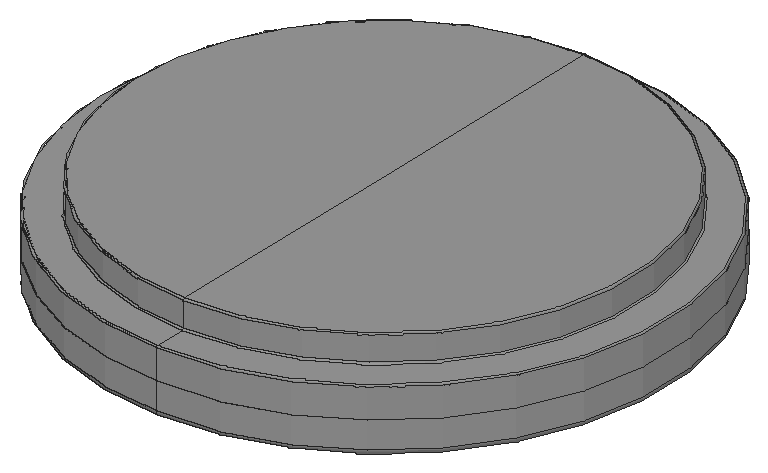
Revit family "FMS1_63_UN_Surface-mounted_ETK", category Lighting Fixtures, Revit 2019 (continued)
Definition of nested family "FMS.1 - Lightsource"
  Parameters (values of type "FMS.1110.10 - Ø270 / 18W / 1120lm / 4000K")
      99.0916\r\n186.1571\t173.2273\t160.3064\t147.3979\t134.5054\t133.8004\t26.4433\t0\t0\t0\r\n0\t0\t0\t0\t0\t0\r\n405.3384\t404.7985\t404.2731\t402.9746\t400.9294\t398.9778\t395.1912\t391.2006\t387.1764\t383.1518\r\n379.3503\t373.2478\t366.6736\t360.0872\t353.4808\t347.1016\t338.8269\t329.9717\t321.1259\t312.2733\r\n303.6511\t293.3438\t282.42\t271.4857\t260.561\t249.8768\t237.5346\t224.5982\t211.6601\t198.736\r\n185.8092\t172.8976\t159.9952\t147.0924\t134.208\t131.9549\t19.0178\t0\t0\t0\r\n0\t0\t0\t0\t0\t0\r\n405.3384\t404.775\t404.2417\t402.941\t400.8877\t398.9141\t395.0686\t391.0953\t387.0939\t383.0703\r\n379.2465\t373.03\t366.4888\t359.9216\t353.3431\t346.971\t338.5451\t329.7328\t320.92\t312.0934\r\n303.4848\t293.0109\t282.1221\t271.2145\t260.3152\t249.6258\t237.1217\t224.202\t211.2903\t198.3835\r\n185.4706\t172.5647\t159.66\t146.7717\t133.8799\t129.6163\t13.1927\t0\t0\t0\r\n0\t0\t0\t0\t0\t0\r\n405.3384\t404.7527\t404.2068\t402.9019\t400.8767\t398.8558\t394.9637\t390.9782\t387.0011\t382.9988\r\n379.1382\t372.8305\t366.3205\t359.7944\t353.2392\t346.8416\t338.2971\t329.4929\t320.6819\t311.8859\r\n303.2565\t292.6827\t281.8284\t270.9715\t260.0963\t249.3876\t236.7404\t223.8309\t210.924\t198.0301\r\n185.1227\t172.2345\t159.3412\t146.4511\t133.5636\t127.1408\t8.7076\t0\t0\t0\r\n0\t0\t0\t0\t0\t0\r\n405.3384\t404.7317\t404.1685\t402.8573\t400.8341\t398.8203\t394.8729\t390.882\t386.8997\t382.9031\r\n379.0139\t372.6472\t366.1376\t359.6334\t353.1356\t346.7285\t338.0975\t329.2976\t320.4978\t311.7082\r\n303.0442\t292.3608\t281.5086\t270.6653\t259.8241\t249.1051\t236.3739\t223.483\t210.5936\t197.696\r\n184.8022\t171.9214\t159.0318\t146.1423\t133.2543\t124.7431\t5.3342\t0\t0\t0\r\n0\t0\t0\t0\t0\t0\r\n405.3384\t404.7118\t404.0854\t402.8071\t400.7827\t398.7607\t394.8082\t390.8197\t386.8117\t382.8145\r\n378.8745\t372.4566\t365.9558\t359.4647\t352.9636\t346.5217\t337.8337\t329.0692\t320.2987\t311.5096\r\n302.8013\t292.0593\t281.2296\t270.4093\t259.5758\t248.8064\t236.0021\t223.1017\t210.2133\t197.3263\r\n184.4407\t171.5452\t158.6583\t145.7732\t132.8917\t122.5723\t2.8944\t0\t0\t0\r\n0\t0\t0\t0\t0\t0\r\n405.3384\t404.6932\t404.0473\t402.7226\t400.7224\t398.6915\t394.7212\t390.7363\t386.7361\t382.7442\r\n378.7775\t372.3101\t365.7992\t359.3066\t352.8016\t346.3302\t337.6023\t328.8394\t320.0728\t311.2958\r\n302.561\t291.776\t280.951\t270.126\t259.3004\t248.5209\t235.6594\t222.7723\t209.8851\t196.9978\r\n184.1099\t171.2248\t158.3346\t145.4546\t132.5648\t120.8445\t1.2522\t0\t0\t0\r\n0\t0\t0\t0\t0\t0\r\n405.3384\t404.6757\t404.0125\t402.6704\t400.6365\t398.604\t394.6163\t390.6263\t386.6347\t382.642\r\n378.653\t372.1631\t365.664\t359.1642\t352.6514\t346.1579\t337.4057\t328.6338\t319.8737\t311.0997\r\n302.337\t291.5239\t280.7001\t269.8776\t259.0436\t248.2362\t235.3595\t222.4683\t209.58\t196.6886\r\n183.7994\t170.9097\t158.0181\t145.1276\t132.2357\t119.6415\t0.3076\t0\t0\t0\r\n0\t0\t0\t0\t0\t0\r\n405.3384\t404.6596\t403.9806\t402.6229\t400.5746\t398.5262\t394.5231\t390.5201\t386.5171\t382.514\r\n378.4993\t372.003\t365.4952\t358.999\t352.4911\t345.9949\t337.2046\t328.4142\t319.6239\t310.8453\r\n302.055\t291.2397\t280.4128\t269.5975\t258.7705\t247.9552\t235.0564\t222.1578\t209.2708\t196.372\r\n183.485\t170.5863\t157.6875\t144.8005\t131.9018\t119.0148\t0\t0\t0\t0\r\n0\t0\t0\t0\t0\t0\r\n405.3384\t404.6446\t403.952\t402.5799\t400.516\t398.4496\t394.4362\t390.4167\t386.393\t382.3765\r\n378.3639\t371.8594\t365.3463\t358.8345\t352.3221\t345.8186\t337.0218\t328.2282\t319.4233\t310.6293\r\n301.8361\t291.0019\t280.1697\t269.3256\t258.4827\t247.6533\t234.7581\t221.854\t208.9473\t196.0427\r\n183.1396\t170.2368\t157.3331\t144.4306\t131.5295\t118.923\t0.3058\t0\t0\t0\r\n0\t0\t0\t0\t0\t0\r\n405.3384\t404.6311\t403.9266\t402.5417\t400.4513\t398.3517\t394.3448\t390.3139\t386.2918\t382.2534\r\n378.238\t371.7358\t365.2058\t358.6709\t352.1332\t345.6284\t336.8455\t328.0252\t319.2071\t310.3886\r\n301.6022\t290.7741\t279.9105\t269.0599\t258.1993\t247.3735\t234.4901\t221.5727\t208.655\t195.7516\r\n182.8364\t169.9224\t157.0186\t144.1096\t131.2095\t119.4546\t1.2376\t0\t0\t0\r\n0\t0\t0\t0\t0\t0\r\n405.3384\t404.6189\t403.9044\t402.5099\t400.4048\t398.3042\t394.3046\t390.2607\t386.2346\t382.1535\r\n378.1197\t371.6271\t365.0667\t358.4953\t351.9348\t345.4342\t336.6778\t327.8251\t318.988\t310.1383\r\n301.3588\t290.557\t279.6705\t268.7827\t257.8964\t247.0828\t234.2295\t221.3067\t208.3745\t195.4454\r\n182.519\t169.6057\t156.6841\t143.7663\t130.8565\t120.461\t2.8438\t0\t0\t0\r\n0\t0\t0\t0\t0\t0\r\n405.3384\t404.608\t403.906\t402.4809\t400.3686\t398.2825\t394.3364\t390.2509\t386.1403\t382.0139\r\n377.9719\t371.5145\t364.9316\t358.3331\t351.741\t345.2569\t336.5322\t327.65\t318.7717\t309.893\r\n301.122\t290.3538\t279.4296\t268.5063\t257.6005\t246.812\t234.0133\t221.0577\t208.1226\t195.1708\r\n182.233\t169.2892\t156.3621\t143.428\t130.5101\t121.8491\t5.2081\t0\t0\t0\r\n0\t0\t0\t0\t0\t0\r\n405.3384\t404.5983\t403.8876\t402.4562\t400.3424\t398.3285\t394.312\t390.1748\t386.0001\t381.8499\r\n377.8465\t371.4423\t364.8155\t358.179\t351.5314\t345.0554\t336.4015\t327.4708\t318.5324\t309.5879\r\n300.8096\t290.1067\t279.1611\t268.2305\t257.289\t246.5037\t233.7899\t220.8066\t207.8411\t194.873\r\n181.9286\t168.9735\t156.0235\t143.0925\t130.1555\t123.4873\t8.4517\t0\t0\t0\r\n0\t0\t0\t0\t0\t0\r\n405.3384\t404.5901\t403.8694\t402.4354\t400.3632\t398.2964\t394.2634\t390.0534\t385.8948\t381.7277\r\n377.7335\t371.3662\t364.6894\t358.0074\t351.3178\t344.8397\t336.2562\t327.2573\t318.2671\t309.292\r\n300.5434\t289.9663\t278.9733\t267.9846\t257.0011\t246.2424\t233.6423\t220.6376\t207.6416\t194.6527\r\n181.66\t168.6794\t155.7053\t142.752\t129.7991\t125.1546\t12.7273\t0\t0\t0\r\n0\t0\t0\t0\t0\t0\r\n405.3384\t404.5832\t403.8511\t402.4184\t400.3294\t398.2373\t394.1753\t389.9932\t385.8207\t381.5858\r\n377.5585\t371.29\t364.5766\t357.8427\t351.0774\t344.5671\t336.1252\t327.126\t318.0989\t309.0717\r\n300.2725\t289.8361\t278.7856\t267.7468\t256.7121\t245.9428\t233.5014\t220.4496\t207.42\t194.3931\r\n181.3835\t168.3751\t155.3885\t142.4223\t129.4696\t126.6674\t18.2327\t0\t0\t0\r\n0\t0\t0\t0\t0\t0\r\n405.3384\t404.6161\t403.833\t402.4338\t400.2812\t398.117\t394.1504\t389.9734\t385.7276\t381.4258\r\n377.3816\t371.2392\t364.4718\t357.6674\t350.8628\t344.3271\t336.3727\t327.0146\t317.9224\t308.8102\r\n299.6801\t289.9237\t278.5829\t267.4993\t256.4203\t245.3261\t233.5789\t220.2411\t207.1712\t194.1138\r\n181.0807\t168.0584\t155.0612\t142.0858\t129.1328\t127.7426\t25.2025\t0\t0\t0\r\n0\t0\t0\t0\t0\t0\r\n405.3384\t404.6105\t403.8147\t402.4101\t400.2194\t398.0503\t394.1642\t389.934\t385.6217\t381.2896\r\n377.1953\t371.2003\t364.3795\t357.5497\t350.6777\t343.7901\t336.3331\t326.9098\t317.7336\t308.5378\r\n299.3341\t289.7717\t278.414\t267.2406\t256.0784\t244.9306\t233.4048\t220.0844\t206.987\t193.9063\r\n180.8452\t167.8011\t154.7799\t141.7801\t128.7982\t128.0121\t33.8934\t0\t0\t0\r\n0\t0\t0\t0\t0\t0\r\n405.3384\t404.605\t403.7961\t402.3797\t400.115\t397.9929\t394.1749\t389.882\t385.5568\t381.1715\r\n376.6631\t371.4951\t364.3355\t357.4079\t350.4678\t343.5064\t336.2424\t326.8117\t317.5627\t308.2892\r\n298.9902\t289.5725\t278.2428\t267.0234\t255.8103\t244.5868\t233.2271\t219.9634\t206.8227\t193.6957\r\n180.6021\t167.5443\t154.4957\t141.4702\t128.4705\t115.505\t70.026\t0\t0\t0\r\n0\t0\t0\t0\t0\t0\r\n405.3384\t404.5994\t403.7772\t402.343\t400.0582\t397.9547\t394.1952\t389.8748\t385.5291\t380.979\r\n376.4372\t371.47\t364.2569\t357.2705\t350.2636\t343.2284\t336.1012\t326.741\t317.3967\t308.0368\r\n298.6712\t289.3725\t278.1474\t266.8135\t255.5191\t244.2436\t233.0342\t219.8906\t206.6977\t193.5207\r\n180.3828\t167.2783\t154.2217\t141.1824\t128.1722\t115.1956\t80.4414\t0\t0\t0\r\n0\t0\t0\t0\t0\t0\r\n405.3384\t404.594\t403.7665\t402.3007\t400.0104\t397.8946\t394.467\t389.9452\t385.4255\t380.805\r\n376.2179\t371.3573\t364.2027\t357.1507\t350.0679\t342.9438\t335.905\t326.68\t317.25\t307.8176\r\n298.3724\t289.0673\t278.0222\t266.6515\t255.3003\t243.9401\t232.7582\t219.8133\t206.5867\t193.3789\r\n180.2056\t167.0687\t153.966\t140.8994\t127.8726\t114.8827\t90.1164\t0\t0\t0\r\n0\t0\t0\t0\t0\t0\r\n405.3384\t404.5889\t403.7442\t402.2253\t399.9717\t397.8259\t394.5256\t389.9394\t385.2649\t380.6538\r\n375.9641\t371.2248\t364.1789\t357.067\t349.8977\t342.6677\t335.6288\t326.6532\t317.1531\t307.6244\r\n298.0542\t288.478\t278.2469\t266.5399\t255.0597\t243.6182\t232.4332\t219.7955\t206.4902\t193.2133\r\n180.0012\t166.821\t153.6857\t140.5957\t127.5588\t114.5661\t98.6146\t0\t0\t0\r\n0\t0\t0\t0\t0\t0\r\n405.3384\t404.5838\t403.7204\t402.1836\t399.9493\t397.495\t394.6576\t389.8387\t385.1686\t380.5014\r\n375.729\t371.0605\t364.1878\t357.0066\t349.7365\t342.3831\t334.9798\t326.9611\t317.1042\t307.4527\r\n297.7974\t288.1146\t278.1369\t266.4125\t254.8729\t243.3316\t231.7822\t219.9393\t206.403\t193.0914\r\n179.8299\t166.6203\t153.466\t140.3518\t127.2713\t114.2585\t105.3682\t0\t0\t0\r\n0\t0\t0\t0\t0\t0\r\n405.3384\t404.579\t403.6953\t402.1453\t400.0044\t397.4328\t394.6846\t389.7831\t385.1052\t380.3588\r\n375.5172\t370.8454\t364.2472\t356.9647\t349.5864\t342.1389\t334.6459\t326.9338\t317.0698\t307.3364\r\n297.5463\t287.7394\t277.9639\t266.3589\t254.7041\t243.037\t231.404\t219.803\t206.3799\t193.0247\r\n179.6747\t166.415\t153.2216\t140.0873\t127.0126\t113.9921\t109.8199\t9.0426\t0\t0\r\n0\t0\t0\t0\t0\t0\r\n405.3384\t404.5744\t403.6691\t402.1103\t399.9781\t397.3776\t394.6495\t389.7577\t385.0555\t380.2439\r\n375.3168\t370.2787\t364.5973\t356.9471\t349.4699\t341.9308\t334.3338\t326.7694\t317.1018\t307.2337\r\n297.342\t287.4211\t277.6928\t266.3301\t254.5511\t242.8085\t231.0731\t219.5536\t206.3499\t192.9347\r\n179.5687\t166.2649\t153.016\t139.8234\t126.726\t113.6905\t111.2803\t21.7073\t0\t0\r\n0\t0\t0\t0\t0\t0\r\n405.3384\t404.57\t403.6421\t402.0785\t399.9533\t397.3665\t394.4977\t389.7642\t385.0355\t380.1533\r\n375.1312\t370.0104\t364.5699\t356.9602\t349.3932\t341.7532\t334.0283\t326.4707\t317.1654\t307.1994\r\n297.1718\t287.133\t277.0299\t266.5617\t254.4718\t242.5962\t230.7316\t218.9364\t206.6337\t192.9105\r\n179.4434\t166.087\t152.7988\t139.6068\t126.4833\t113.4569\t100.4945\t60.079\t0\t0\r\n0\t0\t0\t0\t0\t0\r\n405.3384\t404.5661\t403.6144\t402.0512\t399.9354\t397.2997\t394.4018\t389.8025\t385.0322\t380.0745\r\n374.9814\t369.7443\t364.4545\t357.0142\t349.3678\t341.6146\t333.7412\t325.8005\t317.4989\t307.1996\r\n297.0754\t286.8649\t276.6591\t266.3928\t254.4188\t242.4545\t230.4861\t218.5355\t206.5242\t192.8964\r\n179.3794\t165.9637\t152.639\t139.4008\t126.2545\t113.2052\t100.2394\t75.4175\t0\t0\r\n0\t0\t0\t0\t0\t0\r\n405.3384\t404.5625\t403.5863\t402.0218\t399.9104\t397.2171\t394.3045\t389.8927\t385.0511\t380.0149\r\n374.8455\t369.4904\t364.2419\t357.1219\t349.384\t341.4901\t333.5186\t325.4314\t317.3612\t307.2899\r\n297.0022\t286.6805\t276.276\t266.1102\t254.4772\t242.3425\t230.2194\t218.174\t206.3008\t192.9174\r\n179.3579\t165.8762\t152.4972\t139.2127\t126.0328\t112.9621\t100.0093\t87.0551\t0\t0\r\n0\t0\t0\t0\t0\t0\r\n405.3384\t404.5593\t403.5488\t401.9935\t399.8835\t397.1246\t394.2037\t390.2303\t385.0913\t379.9896\r\n374.7291\t369.2488\t363.6276\t357.5035\t349.4258\t341.4412\t333.3238\t325.0865\t317.0691\t307.6993\r\n297.0161\t286.5013\t276.02\t265.4718\t254.6844\t242.2835\t230.06\t217.8462\t205.7159\t193.2069\r\n179.3627\t165.7938\t152.3453\t139.0419\t125.8422\t112.7623\t99.7796\t94.113\t0.6105\t0\r\n0\t0\t0\t0\t0\t0\r\n405.3384\t404.5567\t403.4347\t401.9663\t399.8542\t396.9916\t393.8623\t390.3025\t385.1493\t379.9968\r\n374.6293\t369.0482\t363.3058\t357.4798\t349.5307\t341.4245\t333.1708\t324.8183\t316.3472\t307.7332\r\n297.0531\t286.4824\t275.7917\t265.0603\t254.4821\t242.3206\t229.9441\t217.6132\t205.3254\t193.1091\r\n179.3748\t165.764\t152.2793\t138.8941\t125.6464\t112.5384\t99.5694\t86.7243\t14.0692\t0\r\n0\t0\t0\t0\t0\t0\r\n405.3384\t404.5544\t403.4109\t401.9397\t399.8279\t396.9235\t393.766\t390.3402\t385.2395\t380.0227\r\n374.5426\t368.8806\t363.0291\t357.2464\t350.0081\t341.4712\t333.0914\t324.5758\t315.9704\t307.4474\r\n297.2703\t286.4865\t275.6403\t264.756\t253.843\t242.607\t229.9008\t217.4057\t204.9789\t192.7969\r\n179.4987\t165.7588\t152.175\t138.7541\t125.4881\t112.3504\t99.3709\t86.5437\t51.9517\t0\r\n0\t0\t0\t0\t0\t0\r\n405.3384\t404.5528\t403.3896\t401.9136\t399.7913\t396.957\t393.6984\t390.3419\t385.3606\t380.0818\r\n374.5\t368.7496\t362.7919\t356.6028\t350.0626\t341.5854\t333.0658\t324.4216\t315.6059\t306.7421\r\n297.6344\t286.5955\t275.5812\t264.5172\t253.4454\t242.4387\t229.9497\t217.306\t204.7451\t192.2166\r\n179.6744\t165.7968\t152.1564\t138.646\t125.329\t112.1759\t99.1985\t86.3772\t68.9502\t0\r\n0\t0\t0\t0\t0\t0\r\n405.3384\t404.5516\t403.3711\t401.8875\t399.7527\t396.9277\t393.6298\t390.2999\t385.7547\t380.1611\r\n374.5012\t368.6583\t362.5687\t356.2748\t349.9304\t341.7568\t333.1054\t324.2991\t315.3601\t306.3451\r\n297.4021\t286.7961\t275.6181\t264.4085\t253.1166\t241.8373\t230.2463\t217.3133\t204.529\t191.8469\r\n179.4606\t165.8616\t152.1382\t138.5889\t125.1903\t112.0098\t99.0178\t86.2149\t79.0059\t0\r\n0\t0\t0\t0\t0\t0\r\n405.3384\t404.5303\t403.3553\t401.8645\t399.7131\t396.9209\t393.5723\t390.1989\t385.8711\t380.2535\r\n374.5458\t368.6079\t362.4015\t355.9658\t349.3036\t342.1689\t333.2403\t324.278\t315.2144\t305.9895\r\n296.6392\t287.1356\t275.8011\t264.3885\t252.9357\t241.4441\t230.1178\t217.3521\t204.4354\t191.5936\r\n178.8542\t166.1287\t152.1585\t138.5008\t125.0791\t111.8622\t98.8722\t86.0895\t73.5113\t5.8064\r\n0\t0\t0\t0\t0\t0\r\n405.3384\t404.5303\t403.3424\t401.8359\t399.6738\t396.904\t393.5271\t389.8272\t385.9412\t380.4009\r\n374.6452\t368.602\t362.2897\t355.7113\t348.9026\t342.0438\t333.4533\t324.356\t315.1404\t305.736\r\n296.21\t286.8176\t276.3248\t264.5084\t252.8679\t241.1993\t229.4494\t217.6364\t204.4484\t191.4377\r\n178.5308\t165.8585\t152.2347\t138.4866\t125.0067\t111.7492\t98.7341\t85.9681\t73.4427\t41.0177\r\n0\t0\t0\t0\t0\t0\r\n405.3384\t404.5314\t403.3323\t401.8066\t399.6355\t396.8882\t393.4998\t389.7256\t385.9264\t380.8323\r\n374.7825\t368.6476\t362.2247\t355.5179\t348.5777\t341.3716\t333.8428\t324.5619\t315.1649\t305.6139\r\n295.8944\t286.068\t276.276\t264.795\t252.9611\t241.028\t229.1012\t217.1796\t204.5856\t191.3702\r\n178.2755\t165.3108\t152.4401\t138.5329\t124.9629\t111.6537\t98.6364\t85.8681\t73.3923\t59.4422\r\n0\t0\t0\t0\t0\t0\r\n405.3384\t404.5334\t403.3254\t401.7768\t399.5834\t396.8724\t393.5563\t389.6813\t385.8296\t380.9686\r\n374.9634\t368.7467\t362.223\t355.3988\t348.3247\t340.9663\t333.6105\t325.0909\t315.3013\t305.5958\r\n295.7167\t285.6879\t275.5196\t265.2641\t253.1643\t241.0284\t228.9013\t216.7619\t204.7197\t191.4431\r\n178.1426\t165.025\t152.054\t138.6238\t124.949\t111.5808\t98.5317\t85.7999\t73.3521\t67.4468\r\n0\t0\t0\t0\t0\t0\r\n405.3384\t404.5367\t403.3213\t401.747\t399.553\t396.8551\t393.5253\t389.642\t385.4196\t381.0143\r\n375.4341\t368.8936\t362.2811\t355.3633\t348.149\t340.6463\t332.8952\t325.0567\t315.6054\t305.7209\r\n295.6694\t285.4283\t275.0861\t264.6206\t253.7214\t241.2356\t228.8857\t216.5051\t204.1542\t191.7482\r\n178.1912\t164.8347\t151.6841\t138.7372\t124.9638\t111.5467\t98.4431\t85.7156\t73.3308\t61.2799\r\n6.6224\t0\t0\t0\t0\t0\r\n405.3384\t404.541\t403.3206\t401.7173\t399.5263\t396.8348\t393.4891\t389.6228\t385.3035\t380.9705\r\n375.6064\t369.1065\t362.3871\t355.4019\t348.059\t340.4189\t332.5297\t324.353\t315.9992\t306.0013\r\n295.7691\t285.3359\t274.8118\t264.0762\t253.4617\t241.8475\t229.0559\t216.4579\t203.8582\t191.3277\r\n178.4886\t164.7975\t151.4218\t138.2923\t125.0643\t111.5119\t98.3871\t85.6566\t73.3292\t61.3845\r\n41.3401\t0\t0\t0\t0\t0\r\n405.3384\t404.7046\t403.3351\t401.6085\t399.5025\t396.8106\t393.4101\t389.6964\t385.2267\t380.5909\r\n375.6608\t369.6146\t362.5887\t355.5216\t348.0628\t340.3035\t332.2796\t323.9612\t315.3815\t306.4951\r\n296.0045\t285.4293\t274.6916\t263.7186\t252.6951\t241.7657\t229.4357\t216.6186\t203.7814\t190.9543\r\n178.3774\t164.9054\t151.3423\t137.993\t125.0188\t111.5486\t98.3549\t85.6161\t73.3518\t61.5005\r\n54.5145\t0\t0\t0\t0\t0\r\n405.3384\t404.7094\t403.3409\t401.5892\t399.4806\t396.7853\t393.3861\t389.647\t385.1911\t380.4752\r\n375.5799\t369.7733\t362.8838\t355.7241\t348.1677\t340.311\t332.135\t323.6844\t314.9275\t305.9445\r\n296.5192\t285.7241\t274.7325\t263.6059\t252.3232\t240.938\t229.682\t217.0354\t203.8964\t190.8667\r\n177.8483\t165.1045\t151.4128\t137.8197\t124.5862\t111.6542\t98.3596\t85.6026\t73.3081\t61.567\r\n50.2719\t0\t0\t0\t0\t0\r\n405.3384\t404.7141\t403.3495\t401.5769\t399.4597\t396.7589\t393.3787\t389.6141\t385.2819\t380.3954\r\n375.1982\t369.7519\t363.3915\t356.0194\t348.3778\t340.4279\t332.1175\t323.54\t314.6307\t305.4612\r\n295.9656\t286.2757\t275.0119\t263.7288\t252.2133\t240.5678\t228.8725\t217.2219\t204.3601\t191.0024\r\n177.7549\t164.5951\t151.6169\t137.856\t124.3917\t111.3335\t98.3751\t85.5165\t73.2932\t61.597\r\n50.4839\t26.8985\t0\t0\t0\t0\r\n405.3384\t404.7188\t403.3611\t401.5899\t399.4393\t396.7318\t393.3783\t389.5778\t385.2799\t380.4048\r\n375.1029\t369.354\t363.4329\t356.5509\t348.7107\t340.6772\t332.2579\t323.5399\t314.5046\t305.1188\r\n295.5188\t285.63\t275.5222\t264.0384\t252.342\t240.479\t228.5121\t216.4262\t204.4988\t191.6613\r\n177.9175\t164.4704\t151.1862\t138.14\t124.3921\t111.0641\t98.3014\t85.4755\t73.1886\t61.5768\r\n50.6169\t43.8035\t0\t0\t0\t0\r\n405.3384\t404.7234\t403.3758\t401.5932\t399.3558\t396.7043\t393.383\t389.5381\t385.271\t380.3873\r\n375.0389\t369.2482\t363.0412\t356.6073\t349.2775\t341.0511\t332.5546\t323.7019\t314.5615\t305.0088\r\n295.2657\t285.1407\t274.8439\t264.3864\t252.9603\t240.7003\t228.4626\t216.1193\t203.7058\t191.2839\r\n178.5866\t164.7027\t151.1153\t137.7422\t124.6359\t111.0334\t97.9491\t85.3922\t73.0802\t61.4885\r\n50.6435\t40.5048\t0\t0\t0\t0\r\n405.3384\t404.7278\t403.3938\t401.6032\t399.3484\t396.6726\t393.3886\t389.4997\t385.2549\t380.3738\r\n375.1114\t369.2206\t362.9224\t356.2011\t349.3184\t341.6044\t333.2293\t324.0355\t314.7893\t305.1249\r\n295.2219\t284.9551\t274.4342\t263.6396\t252.6034\t241.2841\t228.7342\t216.1549\t203.4536\t190.7548\r\n178.0519\t165.358\t151.3808\t137.7373\t124.3116\t111.2524\t97.8365\t85.0967\t72.89\t61.3103\r\n50.5893\t40.6649\t9.0488\t0\t0\t0\r\n405.3384\t404.7319\t403.4151\t401.6204\t399.3511\t396.567\t393.4076\t389.4614\t385.2324\t380.3628\r\n375.0971\t369
